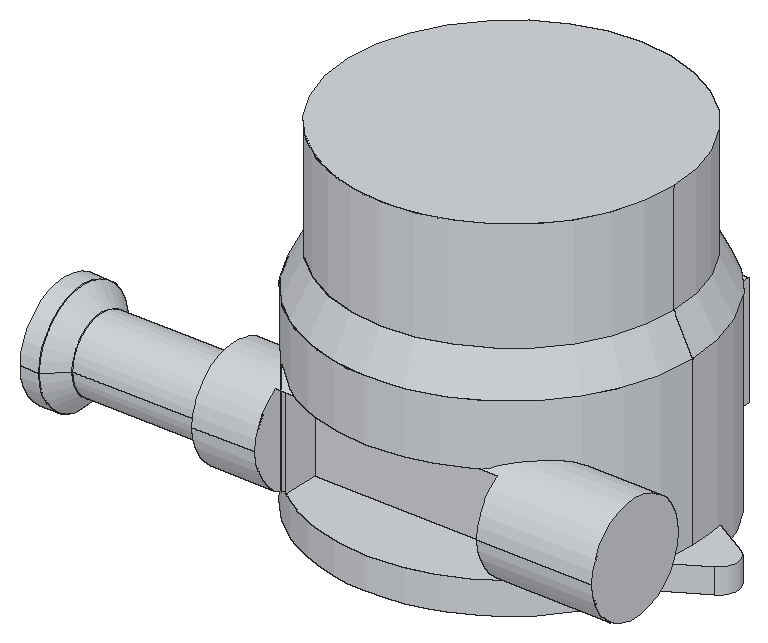
Revit family "M_Detector de gás", category Acessórios do tubo, Revit 2019
Family settings
  Cota do conector redondo = Usar raio
  Tipo de parte = Sensor
  Número OmniClass = 23.85.30.21.11.17
  Título OmniClass = Other Components
  ID de item do Seek = Gas Detector-0000-CAN-ENU
  Com base no plano de trabalho = Não
  Sempre na vertical = Sim
  Corte com vazios quando carregada = Não
  Compartilhado = Não
Parameters (values of type "Padrão")
  Raio 1 = Raio nominal * 1.5  # 30 mm
  Material do detector = none
  Raio nominal = 20 mm
  Diâmetro nominal = Raio nominal * 2  # 40 mm
Reference planes
  plane 1 "Centro (Frente/Trás)": y = 0
  plane 2: z = 0
  plane 3 "Centro (Esquerda/Direita)": x = 0
  plane 4: x = 195.58
  plane 5: y = 113.665
  plane 6: x = 118.11
  plane 7: x = 40.64
  plane 8: x = 58.42
  plane 9: y = 18.415
  plane 10: z = -27.94
  plane 11: z = 88.9
  plane 12: z = 50.8
  plane 13: z = 38.1
  plane 14: y = -18.415
  plane 15: y = 43.815
  plane 16: x = 12.7
  plane 17: x = 6.35
  plane 18: x = 97.79
Forms (mm)
  Extrusion 1, solid, material <- "Material do detector", detail levels fine
    sketch origin (0, 0, 0) x (1, 0, 0) y (0, 1, 0)
      loop
        circle (118.11, 43.815) r 62.23
    from -27.94 to 38.1
  Extrusion 2, solid, material <- "Material do detector", detail levels fine
    sketch origin (0, 0, 0) x (1, 0, 0) y (0, 1, 0)
      loop
        circle (118.11, 43.815) r 55.88
    from 50.8 to 88.9
  Blend 3, solid, material <- "Material do detector", detail levels fine
    base sketch origin (0, 0, 0) x (1, 0, 0) y (0, 1, 0)
      loop
        circle (118.11, 43.815) r 62.23
    top sketch origin (0, 0, 0) x (1, 0, 0) y (0, 1, 0)
      loop
        circle (118.11, 43.815) r 55.88
    from 38.1 to 50.8
  Extrusion 4, solid, material <- "Material do detector", detail levels fine
    sketch origin (0, 0, 1.376) x (0, 1, 0) y (0, 0, 1)
      loop
        circle (0, 0) r 18.415
    from 58.42 to 195.58
  Extrusion 5, solid, material <- "Material do detector", detail levels fine
    sketch origin (0, 0, 0) x (0, 1, 0) y (0, 0, 1)
      loop
        circle (0, 0) r 12.7
    from 12.7 to 58.42
  Extrusion 6, solid, material <- "Material do detector", detail levels fine
    sketch origin (0, 0, 0) x (0, 1, 0) y (0, 0, 1)
      loop
        circle (0, 0) r 19.05
    from 0 to 6.35
  Blend 7, solid, material <- "Material do detector", detail levels fine
    base sketch origin (0, 0, 0) x (0, 1, 0) y (0, 0, 1)
      loop
        circle (0, 0) r 19.05
    top sketch origin (0, 0, 0) x (0, 1, 0) y (0, 0, 1)
      loop
        circle (0, 0) r 12.7
    from 6.35 to 12.7
  Extrusion 8, void
    sketch origin (0, 0, 0) x (1, 0, 0) y (0, 1, 0)
      loop
        line (80.01, 6.985) -> (80.01, -18.415) -> (156.21, -18.415) -> (156.21, 6.985) -> (80.01, 6.985)
    from -17.039 to 17.039
  Extrusion 9, solid, material <- "Material do detector", detail levels fine
    sketch origin (0, 0, 0) x (1, 0, 0) y (0, 1, 0)
      loop
        line (173.84, 43.815) -> (173.84, 27.597) -> (192.405, 38.316)
        arc (192.405, 38.316) -> (195.58, 43.815) -> (192.405, 49.314) r 6.35
        line (192.405, 49.314) -> (173.84, 60.033) -> (173.84, 43.815)
      loop
        line (62.38, 43.815) -> (62.38, 60.033) -> (43.815, 49.314)
        arc (43.815, 49.314) -> (40.64, 43.815) -> (43.815, 38.316) r 6.35
        line (43.815, 38.316) -> (62.38, 27.597) -> (62.38, 43.815)
    from -19.248 to -27.94
  Extrusion 10, solid, material <- "Material do detector", detail levels fine
    sketch origin (0, 0, 0) x (1, 0, 0) y (0, 1, 0)
      loop
        line (92.71, 113.665) -> (92.71, 88.265) -> (143.51, 88.265) -> (143.51, 113.665) -> (92.71, 113.665)
    from -19.248 to 19.248
Cuts and joins
  Extrusion 8 cuts Extrusion 1
  joined: Extrusion 1, Extrusion 9, Extrusion 10
  Extrusion 8 cuts Extrusion 4
Lines and regions (mm)
  model lines, detail levels coarse+medium
    curve 1: circle (97.79, 0, 0) r 97.79 normal (0, 0, 1)
    curve 2: line (61.595, -62.692, 0) -> (170.18, 0, 0)
    curve 3: line (61.595, 62.692, 0) -> (61.595, -62.692, 0)
    curve 4: line (170.18, 0, 0) -> (61.595, 62.692, 0)
Dimensions and locks
  locked: plane 3 "Centro (Esquerda/Direita)" to plane 4 at 195.58
  locked: plane 7 to plane 4 at 154.94
  equal spacing: plane 7, plane 6, plane 4
  locked: plane 3 "Centro (Esquerda/Direita)" to plane 8 at 58.42
  locked: plane 2 to plane 10 at 27.94
  locked: plane 11 to plane 10 at 116.84
  locked: plane 11 to plane 12 at 38.1
  locked: plane 12 to plane 13 at 12.7
  equal spacing: plane 9, plane 1 "Centro (Frente/Trás)", plane 14
  locked: plane 14 to plane 5 at 132.08
  locked: plane 15 to plane 5 at 69.85
  locked: plane 3 "Centro (Esquerda/Direita)" to plane 16 at 12.7
  equal spacing: plane 3 "Centro (Esquerda/Direita)", plane 17, plane 16
  locked: plane 14 to Extrusion 8 sketch curve at 25.4
  equal spacing: Extrusion 8 sketch curve, plane 6, Extrusion 8 sketch curve
  locked: Extrusion 9 to plane 10 at 8.692
  locked: plane 5 to Extrusion 10 sketch curve at 25.4
  equal spacing: Extrusion 10 sketch curve, plane 6, Extrusion 10 sketch curve
  equal spacing: Extrusion 10, plane 2, Extrusion 10
  equal spacing: plane 3 "Centro (Esquerda/Direita)", plane 18, plane 4
  radius of Extrusion 1 sketch curve = 62.23 mm
  radius of Extrusion 2 sketch curve = 55.88 mm
  radius of Extrusion 5 sketch curve = 12.7 mm
  radius of curve 1 = 97.79 mm
  aligned and locked: plane 6 to Extrusion 2 sketch curve
  aligned and locked: Extrusion 2 to plane 12
  aligned and locked: Extrusion 1 to plane 10
  aligned and locked: Blend 3 sketch curve to Extrusion 1  (x2)
  aligned and locked: Blend 3 sketch curve to Extrusion 2  (x2)
  aligned and locked: plane 12 to Blend 3
  aligned and locked: Blend 3 to plane 13
  aligned and locked: plane 15 to Extrusion 2 sketch curve
  aligned and locked: plane 15 to Extrusion 1 sketch curve
  aligned and locked: plane 1 "Centro (Frente/Trás)" to Extrusion 4 sketch curve
  aligned and locked: plane 4 to Extrusion 4
  aligned and locked: plane 2 to Extrusion 5 sketch curve
  aligned and locked: plane 1 "Centro (Frente/Trás)" to Extrusion 5 sketch curve
  aligned: Extrusion 5 to plane 16
  aligned and locked: plane 8 to Extrusion 5
  aligned and locked: Extrusion 5 to plane 16
  aligned and locked: plane 2 to Extrusion 6 sketch curve
  aligned and locked: plane 1 "Centro (Frente/Trás)" to Extrusion 6 sketch curve
  aligned and locked: plane 17 to Extrusion 6
  aligned and locked: Extrusion 6 to plane 3 "Centro (Esquerda/Direita)"
  aligned and locked: Blend 7 sketch curve to Extrusion 6  (x2)
  aligned and locked: Blend 7 sketch curve to Extrusion 5  (x2)
  aligned and locked: Blend 7 to plane 17
  aligned and locked: plane 16 to Blend 7
  aligned and locked: plane 14 to Extrusion 8 sketch curve
  aligned and locked: Extrusion 9 to Extrusion 1
  aligned and locked: plane 5 to Extrusion 10 sketch curve
  aligned and locked: Extrusion 10 to cut or joined group of Extrusion 1, Extrusion 8, Extrusion 9, Extrusion 10
  aligned and locked: plane 1 "Centro (Frente/Trás)" to curve 1
Automatic sketch dimensions
  level to Extrusion 4 sketch curve = 1.376 mm
  Extrusion 1 sketch curve to plane 6 = 0 mm
  Extrusion 8 sketch curve to plane 18 = 17.78 mm
  Extrusion 10 sketch curve to plane 18 = 5.08 mm
  plane 15 to Extrusion 9 sketch curve = 0 mm  (x4)
  plane 7 to Extrusion 9 sketch curve = 3.175 mm  (x2)
  plane 7 to Extrusion 9 sketch curve = 6.35 mm
  plane 8 to Extrusion 9 sketch curve = 3.96 mm
  Extrusion 9 sketch curve to plane 4 = 21.74 mm
  Extrusion 9 sketch curve to plane 4 = 6.35 mm
  Extrusion 9 sketch curve to plane 4 = 3.175 mm  (x2)
  plane 15 to Extrusion 9 sketch curve = 5.499 mm  (x2)
  Extrusion 9 sketch curve to plane 9 = 9.182 mm  (x2)
  Extrusion 9 sketch curve to plane 15 = 16.218 mm  (x2)
  plane 1 "Centro (Frente/Trás)" to curve 2 = 0 mm
  plane 8 to curve 2 = 3.175 mm
  curve 4 to plane 4 = 25.4 mm
  curve 4 to plane 15 = 18.877 mm
  curve 1 to plane 18 = 0 mm
  curve 3 to plane 14 = 44.277 mm
  radius of Extrusion 4 sketch curve = 18.415 mm
  radius of Extrusion 6 sketch curve = 19.05 mm
Connectors
  piping at (0, 0, 0), diameter 40, driven by "Raio nominal"
    settings: on Extrusion 6, index 1, connector inside diameter 40 mm, connector length 0 mm, flow factor 0, pipe flow 0.0 L/s, pressure drop 0.0 Pa, fitting loss kfactor 0, connector angle 0.00°, fixture units 0, engagement length 0 mm, angle of deflection 0.00°, flow configuration 0, flow direction 0, fitting loss method 0, system type 28, joint type 0, gender type 0, connector reference index -1, connector utility 0, adjustable connector no, is connector primary yes, connector description ""
  electrical at (195.58, 0, 1.376)
    settings: on cut or joined group of Extrusion 4, Extrusion 8, index 2, voltage 0 V, apparent load 0 VA, apparent load phase1 0 VA, apparent load phase2 0 VA, apparent load phase3 0 VA, power factor 1, load classification "Outros", number of poles 1, system type 11, power factor state 1, is connector primary yes, connector utility no, sub classification motor no, connector description ""
